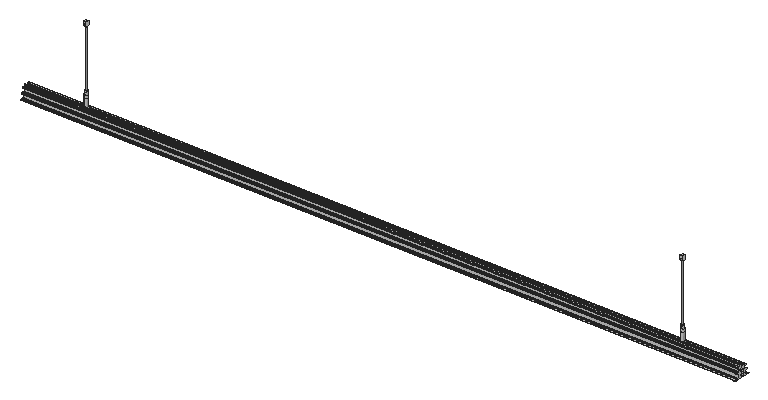
Revit family "BUS11R", category Electrical Fixtures, host Ceiling, Revit 2018
Family settings
  Host = Ceiling
  Maintain Annotation Orientation = No
  Round Connector Dimension = Use Diameter
  Part Type = Normal
  Always vertical = Yes
  Cut with Voids When Loaded = No
  Shared = No
  Room Calculation Point = No
Parameters (values of type "BUS-11R1AXX1-12FEET-UF")
  Support Height = 1' - 0"
  MATERIAL = UF-UNFINISHED MILL
  Hangers = yes
  Hanger Distance = Busrun Length - 2' 0"  # 10' - 0"
  Busrun Length = 12' - 0"
  6D = no
  6A = no
  4K = no
  4B = no
  3D = no
  2D = no
  2A = no
  1A = yes
Reference planes (in)
  plane 1 "Center (Front/Back)": y = 0
  plane 2: z = 0
  plane 3 "Center (Left/Right)": x = 0
  plane 4 "Ceiling": z = 157.48031
  plane 5: x = -72
  plane 6: x = 72
  plane 7: x = -60
  plane 8: x = 60
  plane 9: z = 159.81031
  plane 10: z = 174.81926
  plane 11: z = 162.81926
Dimensions and locks (in)
  equal spacing: host sketch curve, plane 3 "Center (Left/Right)", host sketch curve
  equal spacing: host sketch curve, plane 1 "Center (Front/Back)", host sketch curve
  host sketch curve to host sketch curve = 13' - 1.48031"  (x2)
  plane 4 "Ceiling" to host ceiling = 0' - 0"
  equal spacing: plane 5, plane 3 "Center (Left/Right)", plane 6
  plane 5 to plane 6 = 12' - 0"
  "Busrun Length": plane 5 to plane 6
  equal spacing: plane 7, plane 3 "Center (Left/Right)", plane 8
  "Hanger Distance": plane 7 to plane 8
  plane 4 "Ceiling" to plane 9 = 0' - 2.33"
  "Support Height": plane 11 to plane 10
  locked: plane 11 to plane 9 at 3.00895
  aligned and locked: nested 2 to plane 8
  aligned and locked: nested 1 to plane 8
  aligned and locked: plane 1 "Center (Front/Back)" to nested 2
  aligned and locked: plane 1 "Center (Front/Back)" to nested 1
  aligned and locked: nested 4 to plane 7
  aligned and locked: nested 3 to plane 7
  aligned and locked: nested 5 to plane 1 "Center (Front/Back)"
  aligned and locked: plane 4 "Ceiling" to nested 5
  aligned and locked: plane 9 to nested 5
  aligned and locked: plane 9 to nested 4
  aligned and locked: plane 9 to nested 2
  aligned and locked: nested 3 to plane 11
  aligned and locked: nested 1 to plane 11
  aligned and locked: plane 10 to nested 3  (x2)
  aligned and locked: plane 11 to nested 4
  aligned and locked: nested 1 to plane 10
  aligned and locked: plane 11 to nested 2
  aligned and locked: plane 3 "Center (Left/Right)" to nested 5
  aligned and locked: nested 5 to plane 6
  aligned and locked: nested 5 to plane 5
Nested families (in)
  nested 1: "Support 02" at (60, 0, 162.81926), visible <- "Hangers", type "Support 02"
    with Support Height 1' - 0"
  nested 2: "Support 01" at (60, 0, 159.69831), visible <- "Hangers", type "Support 01"
  nested 3: "Support 02" at (-60, 0, 162.81926), visible <- "Hangers", type "Support 02"
    with Support Height 1' - 0"
  nested 4: "Support 01" at (-60, 0, 159.69831), visible <- "Hangers", type "Support 01"
  nested 5: "BUS11R-BUS" at (0, 0, 157.48031), type "BUS11R-BUS"
    with Busrun Length 12' - 0", 2D no
Definition of nested family "Support 02"
  Parameters (values of type "Support 02")
    Support Height = 0' - 10"
    Busrun Material = none
    Anckle W = 0' - 0 1/2"
  Reference planes (in)
    plane 1 "Center (Front/Back)": y = 0
    plane 2: z = 0
    plane 3 "Center (Left/Right)": x = 0
    plane 4: x = -0.25
    plane 5: x = 0.25
    plane 6: z = 10.4584
    plane 7: z = 10
  Forms (in)
    Revolve 1, solid, material <- "Busrun Material"
      sketch origin (0, 0, 0) x (0, 1, 0) y (0, 0, 1)
        loop
          line (-0.06141, 0) -> (0, 0) -> (0, 10) -> (-0.06141, 10) -> (-0.06141, 0)
        axis (0, 10) -> (0, 0)
      angle from 0 to 360
    Extrusion 2, solid, material <- "Busrun Material"
      sketch origin (0, 0, 10.4584) x (0, 1, 0) y (0, 0, 1)
        loop
          arc (-0.29735, -0.53669) -> (-0.23721, -0.7155) -> (-0.08126, -0.82165) r 0.29593
          arc (-0.08126, -0.82165) -> (0.1774, -0.77249) -> (0.29452, -0.53669) r 0.29593
          line (0.29452, -0.53669) -> (0.29452, 0) -> (-0.29735, 0) -> (-0.29735, -0.53669)
        loop
          circle (-0.00141, -0.4584) r 0.0938
      from -0.25 to 0.25
  Dimensions and locks (in)
    equal spacing: plane 4, plane 3 "Center (Left/Right)", plane 5
    "Anckle W": plane 4 to plane 5
    "Support Height": level to plane 7
    locked: plane 6 to plane 7 at 0.4584
    aligned and locked: level to plane 2
    aligned and locked: Extrusion 2 to plane 5
    aligned and locked: plane 5 to Extrusion 2
    aligned and locked: Extrusion 2 to plane 4
    aligned and locked: Revolve 1 to plane 7
  Automatic sketch dimensions
    Revolve 1 sketch curve to plane 1 "Center (Front/Back)" = 0' - 0"  (x2)
    plane 1 "Center (Front/Back)" to Revolve 1 sketch curve = 0' - 0.06141"
    Revolve 1 sketch curve to level = 0' - 0.04189"
    Extrusion 2 sketch curve to Extrusion 2 sketch curve = 0' - 0"  (x2)
    plane 6 to Extrusion 2 sketch curve = 0' - 0"
    Extrusion 2 sketch curve to plane 1 "Center (Front/Back)" = 0' - 0.29735"
    Extrusion 2 sketch curve to plane 1 "Center (Front/Back)" = 0' - 0.00141"  (x2)
    Extrusion 2 sketch curve to plane 6 = 0' - 0.4584"
    Extrusion 2 sketch curve to Extrusion 2 sketch curve = 0' - 0.07829"
    Extrusion 2 sketch curve to plane 1 "Center (Front/Back)" = 0' - 0.08126"
    level to Revolve 1 sketch curve = 0' - 0"
    Revolve 1 sketch curve to Revolve 1 sketch curve = 0' - 0.4584"
    plane 6 to Revolve 1 sketch curve = 0' - 0.4584"
    radius of Extrusion 2 sketch curve = 0' - 0.0938"
Definition of nested family "Support 01"
  Parameters (values of type "Support 01")
    Support_01 Material = none
  Reference planes (in)
    plane 1 "Center (Front/Back)": y = 0
    plane 2: z = 0
    plane 3 "Center (Left/Right)": x = 0
  Forms (in)
    Revolve 1, solid, material <- "Support_01 Material"
      sketch origin (0, 0, 1.24595) x (0, 1, 0) y (0, 0, 1)
        loop
          line (-0.26959, 0.63063) -> (-0.301, 0.63063) -> (-0.301, -1.00875) -> (-0.26975, -1.04) -> (-0.23603, -1.04) -> (-0.23603, -1.13395) -> (-0.5, -1.13395) -> (-0.5, -1.18395) -> (-0.312, -1.18395) -> (-0.312, -1.24595) -> (0, -1.24595) -> (0, 1.66) -> (-0.25, 1.66) -> (-0.25, 1.16) -> (-0.301, 1.16) -> (-0.301, 0.69263) -> (-0.26959, 0.69263) -> (-0.26959, 0.63063)
        axis (0, 1.66) -> (0, -1.24595)
      angle from 0 to 360
    Extrusion 2, solid, material <- "Support_01 Material"
      sketch origin (0, 0, 2.90595) x (0, -1, 0) y (1, 0, 0)
        loop
          line (-0.23603, 0) -> (-0.11801, -0.20441) -> (0.11801, -0.20441) -> (0.23603, 0) -> (0.11801, 0.20441) -> (-0.11801, 0.20441) -> (-0.23603, 0)
      from 0 to 0.215
  Dimensions and locks (in)
    aligned and locked: plane 2 to level
Definition of nested family "BUS11R-BUS"
  Parameters (values of type "BUS11R-BUS")
    Busrun Material = none
    Busrun Length = 15' - 0"
    6D = no
    6A = no
    4K = no
    4B = no
    3D = no
    2D = yes
    2A = no
    1A = yes
  Reference planes (in)
    plane 1 "Center (Front/Back)": y = 0
    plane 2: z = 0
    plane 3 "Center (Left/Right)": x = 0
    plane 4: x = -90
    plane 5: x = 90
  Forms (in)
    Extrusion 1, solid, material <- "Busrun Material"
      sketch origin (0, 0, -0.12912) x (0, 1, 0) y (0, 0, 1)
        loop
          line (0.538, 1.11712) -> (0.58219, 1.11712) -> (0.58219, 1.06062) -> (0.66414, 1.06062) -> (0.66414, 1.11712) -> (0.6995, 1.11712) -> (0.6995, 0.84112) -> (0.6995, 0.22912) -> (0.66414, 0.22912) -> (0.66414, 0.28562) -> (0.56414, 0.28562) -> (0.56414, 0.22912) -> (0.49, 0.22912) -> (0.52878, 0.48584) -> (0.49004, 0.54719) -> (0.438, 0.48584) -> (0.438, 0.45192) -> (0.39, 0.45067) -> (0.39, 0.12912) -> (0.4525, 0.12912)
          arc (0.4525, 0.12912) -> (0.4675, 0.14412) -> (0.4825, 0.12912) r 0.015
          line (0.4825, 0.12912) -> (1.5625, 0.12912) -> (1.5625, 0.17912) -> (1.1115, 0.17912) -> (1.1115, 0.22912) -> (1.0615, 0.22912) -> (1.0615, 0.17912) -> (0.9115, 0.17912) -> (0.9115, 0.22912) -> (0.8615, 0.22912) -> (0.8615, 0.17912) -> (0.7995, 0.17912) -> (0.7995, 1.11512) -> (0.8615, 1.11512) -> (0.8615, 1.06512) -> (0.9115, 1.06512) -> (0.9115, 1.11512) -> (0.9615, 1.11512) -> (0.9615, 1.15412) -> (1.0615, 1.15412) -> (1.0615, 1.11512) -> (1.1175, 1.11512) -> (1.1175, 1.21512) -> (0.856, 1.21512) -> (0.856, 1.34012) -> (0.756, 1.34012) -> (0.756, 1.21512) -> (0.538, 1.21512) -> (0.538, 2.09012) -> (0.756, 2.09012) -> (0.756, 1.96512) -> (0.856, 1.96512) -> (0.856, 2.20912) -> (0.538, 2.20912) -> (0.538, 2.52112) -> (0.3375, 2.52112) -> (0.3375, 2.45912) -> (0.438, 2.45912) -> (0.438, 2.20912) -> (-0.438, 2.20912) -> (-0.438, 2.45912) -> (-0.3375, 2.45912) -> (-0.3375, 2.52112) -> (-0.538, 2.52112) -> (-0.538, 2.20912) -> (-0.856, 2.20912) -> (-0.856, 1.96512) -> (-0.756, 1.96512) -> (-0.756, 2.09012) -> (-0.538, 2.09012) -> (-0.538, 1.21512) -> (-0.756, 1.21512) -> (-0.756, 1.34012) -> (-0.856, 1.34012) -> (-0.856, 1.21512) -> (-1.1175, 1.21512) -> (-1.1175, 1.11512) -> (-1.0615, 1.11512) -> (-1.0615, 1.15412) -> (-0.9615, 1.15412) -> (-0.9615, 1.11512) -> (-0.9115, 1.11512) -> (-0.9115, 1.06512) -> (-0.8615, 1.06512) -> (-0.8615, 1.11512) -> (-0.7995, 1.11512) -> (-0.7995, 0.17912) -> (-0.8615, 0.17912) -> (-0.8615, 0.22912) -> (-0.9115, 0.22912) -> (-0.9115, 0.17912) -> (-1.0615, 0.17912) -> (-1.0615, 0.22912) -> (-1.1115, 0.22912) -> (-1.1115, 0.17912) -> (-1.5625, 0.17912) -> (-1.5625, 0.12912) -> (-0.39, 0.12912) -> (-0.39, 0.45067) -> (-0.438, 0.45192) -> (-0.438, 0.48584) -> (-0.49004, 0.54719) -> (-0.52878, 0.48584) -> (-0.49, 0.22912) -> (-0.56414, 0.22912) -> (-0.56414, 0.28562) -> (-0.66414, 0.28562) -> (-0.66414, 0.22912) -> (-0.6995, 0.22912) -> (-0.6995, 0.84112) -> (-0.6995, 1.11712) -> (-0.66414, 1.11712) -> (-0.66414, 1.06062) -> (-0.58219, 1.06062) -> (-0.58219, 1.11712) -> (-0.538, 1.11712) -> (-0.538, 0.84112) -> (-0.39, 0.84112) -> (-0.395, 1.47912) -> (-0.438, 1.47912) -> (-0.438, 1.98412) -> (-0.39, 1.98412) -> (-0.355, 2.10912) -> (0, 2.10912) -> (0.355, 2.10912) -> (0.39, 1.98412) -> (0.438, 1.98412) -> (0.438, 1.47912) -> (0.39, 1.47412) -> (0.39, 0.84112) -> (0.538, 0.84112) -> (0.538, 1.11712)
      from -90 to 90
    Extrusion 2, solid, material <- "Busrun Material", visible <- "2A"
      sketch origin (0, 0, 2.392) x (0, 1, 0) y (0, 0, 1)
        loop
          line (0.433, -0.873) -> (0.37958, -0.78047) -> (0.37958, -0.521)
          arc (0.37958, -0.521) -> (0.34765, -0.44393) -> (0.27058, -0.412) r 0.109
          line (0.27058, -0.412) -> (0.20258, -0.412)
          arc (0.20258, -0.412) -> (0.15595, -0.42248) -> (0.11829, -0.45189) r 0.109
          arc (0.11829, -0.45189) -> (0.08063, -0.42248) -> (0.034, -0.412) r 0.109
          line (0.034, -0.412) -> (-0.034, -0.412)
          arc (-0.034, -0.412) -> (-0.08063, -0.42248) -> (-0.11829, -0.45189) r 0.109
          arc (-0.11829, -0.45189) -> (-0.15595, -0.42248) -> (-0.20258, -0.412) r 0.109
          line (-0.20258, -0.412) -> (-0.27058, -0.412)
          arc (-0.27058, -0.412) -> (-0.34765, -0.44393) -> (-0.37958, -0.521) r 0.109
          line (-0.37958, -0.521) -> (-0.37958, -0.78047) -> (-0.433, -0.873) -> (-0.433, -1.025) -> (-0.39, -1.025) -> (-0.39, -0.929) -> (-0.32511, -0.929) -> (-0.35061, -1.035) -> (-0.29301, -1.035) -> (-0.25923, -0.89459)
          arc (-0.25923, -0.89459) -> (-0.2625, -0.87967) -> (-0.27624, -0.873) r 0.0175
          line (-0.27624, -0.873) -> (-0.32058, -0.873) -> (-0.32058, -0.521)
          arc (-0.32058, -0.521) -> (-0.30593, -0.48564) -> (-0.27058, -0.471) r 0.05
          line (-0.27058, -0.471) -> (-0.20258, -0.471)
          arc (-0.20258, -0.471) -> (-0.16722, -0.48564) -> (-0.15258, -0.521) r 0.05
          line (-0.15258, -0.521) -> (-0.15258, -0.873) -> (-0.19691, -0.873)
          arc (-0.19691, -0.873) -> (-0.21066, -0.87967) -> (-0.21393, -0.89459) r 0.0175
          line (-0.21393, -0.89459) -> (-0.18105, -1.03125) -> (-0.1495, -1.03125) -> (-0.1355, -0.97303)
          arc (-0.1355, -0.97303) -> (-0.11829, -0.91845) -> (-0.10108, -0.97303) r 0.03
          line (-0.10108, -0.97303) -> (-0.08707, -1.03125) -> (-0.05553, -1.03125) -> (-0.02265, -0.89459)
          arc (-0.02265, -0.89459) -> (-0.02592, -0.87967) -> (-0.03967, -0.873) r 0.0175
          line (-0.03967, -0.873) -> (-0.084, -0.873) -> (-0.084, -0.521)
          arc (-0.084, -0.521) -> (-0.06936, -0.48564) -> (-0.034, -0.471) r 0.05
          line (-0.034, -0.471) -> (0.034, -0.471)
          arc (0.034, -0.471) -> (0.06936, -0.48564) -> (0.084, -0.521) r 0.05
          line (0.084, -0.521) -> (0.084, -0.873) -> (0.03967, -0.873)
          arc (0.03967, -0.873) -> (0.02592, -0.87967) -> (0.02265, -0.89459) r 0.0175
          line (0.02265, -0.89459) -> (0.05553, -1.03125) -> (0.08707, -1.03125) -> (0.10108, -0.97303)
          arc (0.10108, -0.97303) -> (0.11829, -0.91845) -> (0.1355, -0.97303) r 0.03
          line (0.1355, -0.97303) -> (0.1495, -1.03125) -> (0.18105, -1.03125) -> (0.21393, -0.89459)
          arc (0.21393, -0.89459) -> (0.21066, -0.87967) -> (0.19691, -0.873) r 0.0175
          line (0.19691, -0.873) -> (0.15258, -0.873) -> (0.15258, -0.521)
          arc (0.15258, -0.521) -> (0.16722, -0.48564) -> (0.20258, -0.471) r 0.05
          line (0.20258, -0.471) -> (0.27058, -0.471)
          arc (0.27058, -0.471) -> (0.30593, -0.48564) -> (0.32058, -0.521) r 0.05
          line (0.32058, -0.521) -> (0.32058, -0.873) -> (0.27624, -0.873)
          arc (0.27624, -0.873) -> (0.2625, -0.87967) -> (0.25923, -0.89459) r 0.0175
          line (0.25923, -0.89459) -> (0.29301, -1.035) -> (0.35061, -1.035) -> (0.3303, -0.95059)
          arc (0.3303, -0.95059) -> (0.33357, -0.93567) -> (0.34732, -0.929) r 0.0175
          line (0.34732, -0.929) -> (0.39, -0.929) -> (0.39, -1.025) -> (0.433, -1.025) -> (0.433, -0.873)
      from -90 to 90
    Extrusion 3, solid, material <- "Busrun Material", visible <- "1A"
      sketch origin (0, 0, 2.392) x (0, 1, 0) y (0, 0, 1)
        loop
          line (0.433, -0.873) -> (0.37958, -0.78047) -> (0.37958, -0.521)
          arc (0.37958, -0.521) -> (0.34765, -0.44393) -> (0.27058, -0.412) r 0.109
          line (0.27058, -0.412) -> (0.20258, -0.412)
          arc (0.20258, -0.412) -> (0.15595, -0.42248) -> (0.11829, -0.45189) r 0.109
          arc (0.11829, -0.45189) -> (0.08063, -0.42248) -> (0.034, -0.412) r 0.109
          line (0.034, -0.412) -> (-0.034, -0.412)
          arc (-0.034, -0.412) -> (-0.08063, -0.42248) -> (-0.11829, -0.45189) r 0.109
          arc (-0.11829, -0.45189) -> (-0.15595, -0.42248) -> (-0.20258, -0.412) r 0.109
          line (-0.20258, -0.412) -> (-0.27058, -0.412)
          arc (-0.27058, -0.412) -> (-0.34765, -0.44393) -> (-0.37958, -0.521) r 0.109
          line (-0.37958, -0.521) -> (-0.37958, -0.5728) -> (-0.32058, -0.5728) -> (-0.32058, -0.521)
          arc (-0.32058, -0.521) -> (-0.30593, -0.48564) -> (-0.27058, -0.471) r 0.05
          line (-0.27058, -0.471) -> (-0.20258, -0.471)
          arc (-0.20258, -0.471) -> (-0.16722, -0.48564) -> (-0.15258, -0.521) r 0.05
          line (-0.15258, -0.521) -> (-0.15258, -0.873) -> (-0.3337, -0.873)
          arc (-0.3337, -0.873) -> (-0.34928, -0.864) -> (-0.34928, -0.846) r 0.018
          line (-0.34928, -0.846) -> (-0.32058, -0.79628) -> (-0.32058, -0.74043) -> (-0.37958, -0.74043) -> (-0.37958, -0.78047) -> (-0.433, -0.873) -> (-0.433, -1.025) -> (-0.39, -1.025) -> (-0.39, -0.929) -> (-0.32511, -0.929) -> (-0.35061, -1.035) -> (-0.29301, -1.035) -> (-0.26751, -0.929) -> (-0.20565, -0.929) -> (-0.18105, -1.03125) -> (-0.1495, -1.03125) -> (-0.1355, -0.97303)
          arc (-0.1355, -0.97303) -> (-0.11829, -0.91845) -> (-0.10108, -0.97303) r 0.03
          line (-0.10108, -0.97303) -> (-0.08707, -1.03125) -> (-0.05553, -1.03125) -> (-0.02265, -0.89459)
          arc (-0.02265, -0.89459) -> (-0.02592, -0.87967) -> (-0.03967, -0.873) r 0.0175
          line (-0.03967, -0.873) -> (-0.084, -0.873) -> (-0.084, -0.521)
          arc (-0.084, -0.521) -> (-0.06936, -0.48564) -> (-0.034, -0.471) r 0.05
          line (-0.034, -0.471) -> (0.034, -0.471)
          arc (0.034, -0.471) -> (0.06936, -0.48564) -> (0.084, -0.521) r 0.05
          line (0.084, -0.521) -> (0.084, -0.873) -> (0.03967, -0.873)
          arc (0.03967, -0.873) -> (0.02592, -0.87967) -> (0.02265, -0.89459) r 0.0175
          line (0.02265, -0.89459) -> (0.05553, -1.03125) -> (0.08707, -1.03125) -> (0.10108, -0.97303)
          arc (0.10108, -0.97303) -> (0.11829, -0.91845) -> (0.1355, -0.97303) r 0.03
          line (0.1355, -0.97303) -> (0.1495, -1.03125) -> (0.18105, -1.03125) -> (0.21393, -0.89459)
          arc (0.21393, -0.89459) -> (0.21066, -0.87967) -> (0.19691, -0.873) r 0.0175
          line (0.19691, -0.873) -> (0.15258, -0.873) -> (0.15258, -0.521)
          arc (0.15258, -0.521) -> (0.16722, -0.48564) -> (0.20258, -0.471) r 0.05
          line (0.20258, -0.471) -> (0.27058, -0.471)
          arc (0.27058, -0.471) -> (0.30593, -0.48564) -> (0.32058, -0.521) r 0.05
          line (0.32058, -0.521) -> (0.32058, -0.873) -> (0.27624, -0.873)
          arc (0.27624, -0.873) -> (0.2625, -0.87967) -> (0.25923, -0.89459) r 0.0175
          line (0.25923, -0.89459) -> (0.29301, -1.035) -> (0.35061, -1.035) -> (0.3303, -0.95059)
          arc (0.3303, -0.95059) -> (0.33357, -0.93567) -> (0.34732, -0.929) r 0.0175
          line (0.34732, -0.929) -> (0.39, -0.929) -> (0.39, -1.025) -> (0.433, -1.025) -> (0.433, -0.873)
      from -90 to 90
    Extrusion 4, solid, material <- "Busrun Material"
      sketch origin (0, 0, 2.392) x (0, 1, 0) y (0, 0, 1)
        loop
          line (-0.39, -0.929) -> (-0.32511, -0.929) -> (-0.35061, -1.035) -> (-0.29301, -1.035) -> (-0.25923, -0.89459)
          arc (-0.25923, -0.89459) -> (-0.2625, -0.87967) -> (-0.27624, -0.873) r 0.0175
          line (-0.27624, -0.873) -> (-0.3337, -0.873)
          arc (-0.3337, -0.873) -> (-0.34928, -0.864) -> (-0.34928, -0.846) r 0.018
          line (-0.34928, -0.846) -> (-0.32058, -0.79628) -> (-0.32058, -0.74043) -> (-0.37958, -0.74043) -> (-0.37958, -0.78047) -> (-0.433, -0.873) -> (-0.433, -1.025) -> (-0.39, -1.025) -> (-0.39, -0.929)
        loop
          line (-0.15258, -0.873) -> (-0.19691, -0.873)
          arc (-0.19691, -0.873) -> (-0.21066, -0.87967) -> (-0.21393, -0.89459) r 0.0175
          line (-0.21393, -0.89459) -> (-0.18105, -1.03125) -> (-0.1495, -1.03125) -> (-0.1355, -0.97303)
          arc (-0.1355, -0.97303) -> (-0.11829, -0.91845) -> (-0.10108, -0.97303) r 0.03
          line (-0.10108, -0.97303) -> (-0.08707, -1.03125) -> (-0.05553, -1.03125) -> (-0.02265, -0.89459)
          arc (-0.02265, -0.89459) -> (-0.02592, -0.87967) -> (-0.03967, -0.873) r 0.0175
          line (-0.03967, -0.873) -> (-0.084, -0.873) -> (-0.084, -0.521)
          arc (-0.084, -0.521) -> (-0.06936, -0.48564) -> (-0.034, -0.471) r 0.05
          line (-0.034, -0.471) -> (0.034, -0.471)
          arc (0.034, -0.471) -> (0.06936, -0.48564) -> (0.084, -0.521) r 0.05
          line (0.084, -0.521) -> (0.084, -0.873) -> (0.03967, -0.873)
          arc (0.03967, -0.873) -> (0.02592, -0.87967) -> (0.02265, -0.89459) r 0.0175
          line (0.02265, -0.89459) -> (0.05553, -1.03125) -> (0.08707, -1.03125) -> (0.10108, -0.97303)
          arc (0.10108, -0.97303) -> (0.11829, -0.91845) -> (0.1355, -0.97303) r 0.03
          line (0.1355, -0.97303) -> (0.1495, -1.03125) -> (0.18105, -1.03125) -> (0.21393, -0.89459)
          arc (0.21393, -0.89459) -> (0.21066, -0.87967) -> (0.19691, -0.873) r 0.0175
          line (0.19691, -0.873) -> (0.15258, -0.873) -> (0.15258, -0.521)
          arc (0.15258, -0.521) -> (0.16722, -0.48564) -> (0.20258, -0.471) r 0.05
          line (0.20258, -0.471) -> (0.27058, -0.471)
          arc (0.27058, -0.471) -> (0.30593, -0.48564) -> (0.32058, -0.521) r 0.05
          line (0.32058, -0.521) -> (0.32058, -0.873) -> (0.27624, -0.873)
          arc (0.27624, -0.873) -> (0.2625, -0.87967) -> (0.25923, -0.89459) r 0.0175
          line (0.25923, -0.89459) -> (0.29301, -1.035) -> (0.35061, -1.035) -> (0.3303, -0.95059)
          arc (0.3303, -0.95059) -> (0.33357, -0.93567) -> (0.34732, -0.929) r 0.0175
          line (0.34732, -0.929) -> (0.39, -0.929) -> (0.39, -1.025) -> (0.433, -1.025) -> (0.433, -0.873) -> (0.37958, -0.78047) -> (0.37958, -0.521)
          arc (0.37958, -0.521) -> (0.34765, -0.44393) -> (0.27058, -0.412) r 0.109
          line (0.27058, -0.412) -> (0.20258, -0.412)
          arc (0.20258, -0.412) -> (0.15595, -0.42248) -> (0.11829, -0.45189) r 0.109
          arc (0.11829, -0.45189) -> (0.08063, -0.42248) -> (0.034, -0.412) r 0.109
          line (0.034, -0.412) -> (-0.034, -0.412)
          arc (-0.034, -0.412) -> (-0.08063, -0.42248) -> (-0.11829, -0.45189) r 0.109
          arc (-0.11829, -0.45189) -> (-0.15595, -0.42248) -> (-0.20258, -0.412) r 0.109
          line (-0.20258, -0.412) -> (-0.27058, -0.412)
          arc (-0.27058, -0.412) -> (-0.34765, -0.44393) -> (-0.37958, -0.521) r 0.109
          line (-0.37958, -0.521) -> (-0.37958, -0.5728) -> (-0.32058, -0.5728) -> (-0.32058, -0.521)
          arc (-0.32058, -0.521) -> (-0.30593, -0.48564) -> (-0.27058, -0.471) r 0.05
          line (-0.27058, -0.471) -> (-0.20258, -0.471)
          arc (-0.20258, -0.471) -> (-0.16722, -0.48564) -> (-0.15258, -0.521) r 0.05
          line (-0.15258, -0.521) -> (-0.15258, -0.873)
      from -90 to 90
    Extrusion 5, solid, material <- "Busrun Material", visible <- "3D"
      sketch origin (0, 0, 2.392) x (0, 1, 0) y (0, 0, 1)
        loop
          line (0.433, -0.87155) -> (0.35383, -0.78192) -> (0.35383, -0.521)
          arc (0.35383, -0.521) -> (0.3219, -0.44393) -> (0.24483, -0.412) r 0.109
          line (0.24483, -0.412) -> (0.17683, -0.412)
          arc (0.17683, -0.412) -> (0.09975, -0.44393) -> (0.06783, -0.521) r 0.109
          arc (0.06783, -0.521) -> (0.05779, -0.53104) -> (0.04775, -0.521) r 0.01004
          arc (0.04775, -0.521) -> (0.01582, -0.44393) -> (-0.06125, -0.412) r 0.109
          line (-0.06125, -0.412) -> (-0.25325, -0.412)
          arc (-0.25325, -0.412) -> (-0.33727, -0.44233) -> (-0.37958, -0.521) r 0.12497
          line (-0.37958, -0.521) -> (-0.37958, -0.5728) -> (-0.32058, -0.5728) -> (-0.32058, -0.521)
          arc (-0.32058, -0.521) -> (-0.28916, -0.48032) -> (-0.23825, -0.47328) r 0.06795
          line (-0.23825, -0.47328) -> (-0.23825, -0.873) -> (-0.3337, -0.873)
          arc (-0.3337, -0.873) -> (-0.34928, -0.864) -> (-0.34928, -0.846) r 0.018
          line (-0.34928, -0.846) -> (-0.32058, -0.79628) -> (-0.32058, -0.74043) -> (-0.37958, -0.74043) -> (-0.37958, -0.78047) -> (-0.433, -0.873) -> (-0.433, -1.025) -> (-0.39, -1.025) -> (-0.39, -0.929) -> (-0.31823, -0.929) -> (-0.29319, -1.03305) -> (-0.26219, -1.03305) -> (-0.24775, -0.97303)
          arc (-0.24775, -0.97303) -> (-0.23054, -0.91845) -> (-0.21333, -0.97303) r 0.03
          line (-0.21333, -0.97303) -> (-0.19842, -1.035) -> (-0.15168, -1.035) -> (-0.11271, -0.873) -> (-0.17925, -0.873) -> (-0.17925, -0.521)
          arc (-0.17925, -0.521) -> (-0.16461, -0.48564) -> (-0.12925, -0.471) r 0.05
          line (-0.12925, -0.471) -> (-0.06125, -0.471)
          arc (-0.06125, -0.471) -> (-0.02589, -0.48564) -> (-0.01125, -0.521) r 0.05
          line (-0.01125, -0.521) -> (-0.01125, -0.873) -> (-0.07779, -0.873) -> (-0.03882, -1.035) -> (0.02567, -1.035) -> (0.04058, -0.97303)
          arc (0.04058, -0.97303) -> (0.05779, -0.91845) -> (0.075, -0.97303) r 0.03
          line (0.075, -0.97303) -> (0.08991, -1.035) -> (0.15439, -1.035) -> (0.18818, -0.89459)
          arc (0.18818, -0.89459) -> (0.18491, -0.87967) -> (0.17116, -0.873) r 0.0175
          line (0.17116, -0.873) -> (0.12683, -0.873) -> (0.12683, -0.521)
          arc (0.12683, -0.521) -> (0.14147, -0.48564) -> (0.17683, -0.471) r 0.05
          line (0.17683, -0.471) -> (0.24483, -0.471)
          arc (0.24483, -0.471) -> (0.28018, -0.48564) -> (0.29483, -0.521) r 0.05
          line (0.29483, -0.521) -> (0.29483, -0.873) -> (0.25049, -0.873)
          arc (0.25049, -0.873) -> (0.23675, -0.87967) -> (0.23348, -0.89459) r 0.0175
          line (0.23348, -0.89459) -> (0.26726, -1.035) -> (0.32486, -1.035) -> (0.30455, -0.95059)
          arc (0.30455, -0.95059) -> (0.30782, -0.93567) -> (0.32157, -0.929) r 0.0175
          line (0.32157, -0.929) -> (0.36425, -0.929) -> (0.36425, -1.025) -> (0.433, -1.025) -> (0.433, -0.87155)
      from -90 to 90
    Extrusion 6, solid, material <- "Busrun Material", visible <- "6A"
      sketch origin (0, 0, 2.392) x (0, 1, 0) y (0, 0, 1)
        loop
          line (0.433, -0.873) -> (0.37958, -0.78047) -> (0.37958, -0.521)
          arc (0.37958, -0.521) -> (0.34765, -0.44393) -> (0.27058, -0.412) r 0.109
          line (0.27058, -0.412) -> (0.20258, -0.412)
          arc (0.20258, -0.412) -> (0.15595, -0.42248) -> (0.11829, -0.45189) r 0.109
          arc (0.11829, -0.45189) -> (0.08063, -0.42248) -> (0.034, -0.412) r 0.109
          line (0.034, -0.412) -> (-0.034, -0.412)
          arc (-0.034, -0.412) -> (-0.08063, -0.42248) -> (-0.11829, -0.45189) r 0.109
          arc (-0.11829, -0.45189) -> (-0.15595, -0.42248) -> (-0.20258, -0.412) r 0.109
          line (-0.20258, -0.412) -> (-0.27058, -0.412)
          arc (-0.27058, -0.412) -> (-0.34765, -0.44393) -> (-0.37958, -0.521) r 0.109
          line (-0.37958, -0.521) -> (-0.37958, -0.78047) -> (-0.433, -0.873) -> (-0.433, -1.025) -> (-0.39, -1.025) -> (-0.39, -0.929) -> (-0.32511, -0.929) -> (-0.35061, -1.035) -> (-0.29301, -1.035) -> (-0.25923, -0.89459)
          arc (-0.25923, -0.89459) -> (-0.2625, -0.87967) -> (-0.27624, -0.873) r 0.0175
          line (-0.27624, -0.873) -> (-0.32058, -0.873) -> (-0.32058, -0.521)
          arc (-0.32058, -0.521) -> (-0.30593, -0.48564) -> (-0.27058, -0.471) r 0.05
          line (-0.27058, -0.471) -> (-0.20258, -0.471)
          arc (-0.20258, -0.471) -> (-0.16722, -0.48564) -> (-0.15258, -0.521) r 0.05
          line (-0.15258, -0.521) -> (-0.15258, -0.873) -> (-0.19691, -0.873)
          arc (-0.19691, -0.873) -> (-0.21066, -0.87967) -> (-0.21393, -0.89459) r 0.0175
          line (-0.21393, -0.89459) -> (-0.18105, -1.03125) -> (-0.1495, -1.03125) -> (-0.1355, -0.97303)
          arc (-0.1355, -0.97303) -> (-0.11829, -0.91845) -> (-0.10108, -0.97303) r 0.03
          line (-0.10108, -0.97303) -> (-0.08707, -1.03125) -> (-0.05553, -1.03125) -> (-0.02265, -0.89459)
          arc (-0.02265, -0.89459) -> (-0.02592, -0.87967) -> (-0.03967, -0.873) r 0.0175
          line (-0.03967, -0.873) -> (-0.084, -0.873) -> (-0.084, -0.521)
          arc (-0.084, -0.521) -> (-0.06936, -0.48564) -> (-0.034, -0.471) r 0.05
          line (-0.034, -0.471) -> (0.034, -0.471)
          arc (0.034, -0.471) -> (0.06936, -0.48564) -> (0.084, -0.521) r 0.05
          line (0.084, -0.521) -> (0.084, -0.873) -> (0.03967, -0.873)
          arc (0.03967, -0.873) -> (0.02592, -0.87967) -> (0.02265, -0.89459) r 0.0175
          line (0.02265, -0.89459) -> (0.05553, -1.03125) -> (0.08707, -1.03125) -> (0.10108, -0.97303)
          arc (0.10108, -0.97303) -> (0.11829, -0.91845) -> (0.1355, -0.97303) r 0.03
          line (0.1355, -0.97303) -> (0.1495, -1.03125) -> (0.18105, -1.03125) -> (0.21393, -0.89459)
          arc (0.21393, -0.89459) -> (0.21066, -0.87967) -> (0.19691, -0.873) r 0.0175
          line (0.19691, -0.873) -> (0.15258, -0.873) -> (0.15258, -0.521)
          arc (0.15258, -0.521) -> (0.16722, -0.48564) -> (0.20258, -0.471) r 0.05
          line (0.20258, -0.471) -> (0.27058, -0.471)
          arc (0.27058, -0.471) -> (0.30593, -0.48564) -> (0.32058, -0.521) r 0.05
          line (0.32058, -0.521) -> (0.32058, -0.873) -> (0.27624, -0.873)
          arc (0.27624, -0.873) -> (0.2625, -0.87967) -> (0.25923, -0.89459) r 0.0175
          line (0.25923, -0.89459) -> (0.29301, -1.035) -> (0.35061, -1.035) -> (0.3303, -0.95059)
          arc (0.3303, -0.95059) -> (0.33357, -0.93567) -> (0.34732, -0.929) r 0.0175
          line (0.34732, -0.929) -> (0.39, -0.929) -> (0.39, -1.025) -> (0.433, -1.025) -> (0.433, -0.873)
      from -90 to 90
    Extrusion 7, solid, material <- "Busrun Material", visible <- "6D"
      sketch origin (0, 0, 2.392) x (0, 1, 0) y (0, 0, 1)
        loop
          line (0.433, -0.873) -> (0.37958, -0.78047) -> (0.37958, -0.521)
          arc (0.37958, -0.521) -> (0.34765, -0.44393) -> (0.27058, -0.412) r 0.109
          line (0.27058, -0.412) -> (0.20258, -0.412)
          arc (0.20258, -0.412) -> (0.15595, -0.42248) -> (0.11829, -0.45189) r 0.109
          arc (0.11829, -0.45189) -> (0.08063, -0.42248) -> (0.034, -0.412) r 0.109
          line (0.034, -0.412) -> (-0.034, -0.412)
          arc (-0.034, -0.412) -> (-0.08063, -0.42248) -> (-0.11829, -0.45189) r 0.109
          arc (-0.11829, -0.45189) -> (-0.15595, -0.42248) -> (-0.20258, -0.412) r 0.109
          line (-0.20258, -0.412) -> (-0.27058, -0.412)
          arc (-0.27058, -0.412) -> (-0.34765, -0.44393) -> (-0.37958, -0.521) r 0.109
          line (-0.37958, -0.521) -> (-0.37958, -0.78047) -> (-0.433, -0.873) -> (-0.433, -1.025) -> (-0.39, -1.025) -> (-0.39, -0.929) -> (-0.32511, -0.929) -> (-0.35061, -1.035) -> (-0.29301, -1.035) -> (-0.25923, -0.89459)
          arc (-0.25923, -0.89459) -> (-0.2625, -0.87967) -> (-0.27624, -0.873) r 0.0175
          line (-0.27624, -0.873) -> (-0.32058, -0.873) -> (-0.32058, -0.521)
          arc (-0.32058, -0.521) -> (-0.30593, -0.48564) -> (-0.27058, -0.471) r 0.05
          line (-0.27058, -0.471) -> (-0.20258, -0.471)
          arc (-0.20258, -0.471) -> (-0.16722, -0.48564) -> (-0.15258, -0.521) r 0.05
          line (-0.15258, -0.521) -> (-0.15258, -0.873) -> (-0.19691, -0.873)
          arc (-0.19691, -0.873) -> (-0.21066, -0.87967) -> (-0.21393, -0.89459) r 0.0175
          line (-0.21393, -0.89459) -> (-0.18105, -1.03125) -> (-0.1495, -1.03125) -> (-0.1355, -0.97303)
          arc (-0.1355, -0.97303) -> (-0.11829, -0.91845) -> (-0.10108, -0.97303) r 0.03
          line (-0.10108, -0.97303) -> (-0.08707, -1.03125) -> (-0.05553, -1.03125) -> (-0.02265, -0.89459)
          arc (-0.02265, -0.89459) -> (-0.02592, -0.87967) -> (-0.03967, -0.873) r 0.0175
          line (-0.03967, -0.873) -> (-0.084, -0.873) -> (-0.084, -0.521)
          arc (-0.084, -0.521) -> (-0.06936, -0.48564) -> (-0.034, -0.471) r 0.05
          line (-0.034, -0.471) -> (0.034, -0.471)
          arc (0.034, -0.471) -> (0.06936, -0.48564) -> (0.084, -0.521) r 0.05
          line (0.084, -0.521) -> (0.084, -0.873) -> (0.03967, -0.873)
          arc (0.03967, -0.873) -> (0.02592, -0.87967) -> (0.02265, -0.89459) r 0.0175
          line (0.02265, -0.89459) -> (0.05553, -1.03125) -> (0.08707, -1.03125) -> (0.10108, -0.97303)
          arc (0.10108, -0.97303) -> (0.11829, -0.91845) -> (0.1355, -0.97303) r 0.03
          line (0.1355, -0.97303) -> (0.1495, -1.03125) -> (0.18105, -1.03125) -> (0.21393, -0.89459)
          arc (0.21393, -0.89459) -> (0.21066, -0.87967) -> (0.19691, -0.873) r 0.0175
          line (0.19691, -0.873) -> (0.15258, -0.873) -> (0.15258, -0.521)
          arc (0.15258, -0.521) -> (0.16722, -0.48564) -> (0.20258, -0.471) r 0.05
          line (0.20258, -0.471) -> (0.27058, -0.471)
          arc (0.27058, -0.471) -> (0.30593, -0.48564) -> (0.32058, -0.521) r 0.05
          line (0.32058, -0.521) -> (0.32058, -0.873) -> (0.27624, -0.873)
          arc (0.27624, -0.873) -> (0.2625, -0.87967) -> (0.25923, -0.89459) r 0.0175
          line (0.25923, -0.89459) -> (0.29301, -1.035) -> (0.35061, -1.035) -> (0.3303, -0.95059)
          arc (0.3303, -0.95059) -> (0.33357, -0.93567) -> (0.34732, -0.929) r 0.0175
          line (0.34732, -0.929) -> (0.39, -0.929) -> (0.39, -1.025) -> (0.433, -1.025) -> (0.433, -0.873)
      from -90 to 90
    Extrusion 8, solid, material <- "Busrun Material", visible <- "4B"
      sketch origin (0, 0, 2.392) x (0, 1, 0) y (0, 0, 1)
        loop
          line (0.25558, -0.873) -> (0.25558, -0.4733)
          arc (0.25558, -0.4733) -> (0.30016, -0.48069) -> (0.32058, -0.521) r 0.05
          line (0.32058, -0.521) -> (0.32058, -0.5728) -> (0.37958, -0.5728) -> (0.37958, -0.521)
          arc (0.37958, -0.521) -> (0.34765, -0.44393) -> (0.27058, -0.412) r 0.109
          line (0.27058, -0.412) -> (0.08429, -0.412)
          arc (0.08429, -0.412) -> (0.03766, -0.42248) -> (0, -0.45189) r 0.109
          arc (0, -0.45189) -> (-0.03766, -0.42248) -> (-0.08429, -0.412) r 0.109
          line (-0.08429, -0.412) -> (-0.27058, -0.412)
          arc (-0.27058, -0.412) -> (-0.34765, -0.44393) -> (-0.37958, -0.521) r 0.109
          line (-0.37958, -0.521) -> (-0.37958, -0.5728) -> (-0.32058, -0.5728) -> (-0.32058, -0.521)
          arc (-0.32058, -0.521) -> (-0.30016, -0.48069) -> (-0.25558, -0.4733) r 0.05
          line (-0.25558, -0.4733) -> (-0.25558, -0.873) -> (-0.3337, -0.873)
          arc (-0.3337, -0.873) -> (-0.34928, -0.864) -> (-0.34928, -0.846) r 0.018
          line (-0.34928, -0.846) -> (-0.32058, -0.79628) -> (-0.32058, -0.74043) -> (-0.37958, -0.74043) -> (-0.37958, -0.78047) -> (-0.433, -0.873) -> (-0.433, -1.025) -> (-0.39, -1.025) -> (-0.39, -0.929) -> (-0.31823, -0.929) -> (-0.29366, -1.03109) -> (-0.26205, -1.03109) -> (-0.24808, -0.97303)
          arc (-0.24808, -0.97303) -> (-0.23087, -0.91845) -> (-0.21366, -0.97303) r 0.03
          line (-0.21366, -0.97303) -> (-0.19969, -1.03109) -> (-0.16807, -1.03109) -> (-0.13523, -0.89459)
          arc (-0.13523, -0.89459) -> (-0.1385, -0.87967) -> (-0.15224, -0.873) r 0.0175
          line (-0.15224, -0.873) -> (-0.19658, -0.873) -> (-0.19658, -0.521)
          arc (-0.19658, -0.521) -> (-0.18193, -0.48564) -> (-0.14658, -0.471) r 0.05
          line (-0.14658, -0.471) -> (-0.07858, -0.471)
          arc (-0.07858, -0.471) -> (-0.04322, -0.48564) -> (-0.02858, -0.521) r 0.05
          line (-0.02858, -0.521) -> (-0.02858, -0.873) -> (-0.07291, -0.873)
          arc (-0.07291, -0.873) -> (-0.08666, -0.87967) -> (-0.08993, -0.89459) r 0.0175
          line (-0.08993, -0.89459) -> (-0.05968, -1.02029) -> (-0.02858, -1.02029) -> (-0.02063, -0.98724)
          arc (-0.02063, -0.98724) -> (0, -0.97099) -> (0.02063, -0.98724) r 0.02122
          line (0.02063, -0.98724) -> (0.02858, -1.02029) -> (0.05968, -1.02029) -> (0.08993, -0.89459)
          arc (0.08993, -0.89459) -> (0.08666, -0.87967) -> (0.07291, -0.873) r 0.0175
          line (0.07291, -0.873) -> (0.02858, -0.873) -> (0.02858, -0.521)
          arc (0.02858, -0.521) -> (0.04322, -0.48564) -> (0.07858, -0.471) r 0.05
          line (0.07858, -0.471) -> (0.14658, -0.471)
          arc (0.14658, -0.471) -> (0.18193, -0.48564) -> (0.19658, -0.521) r 0.05
          line (0.19658, -0.521) -> (0.19658, -0.873) -> (0.15224, -0.873)
          arc (0.15224, -0.873) -> (0.1385, -0.87967) -> (0.13523, -0.89459) r 0.0175
          line (0.13523, -0.89459) -> (0.16807, -1.03109) -> (0.19969, -1.03109) -> (0.21366, -0.97303)
          arc (0.21366, -0.97303) -> (0.23087, -0.91845) -> (0.24808, -0.97303) r 0.03
          line (0.24808, -0.97303) -> (0.26205, -1.03109) -> (0.29366, -1.03109) -> (0.31823, -0.929) -> (0.39, -0.929) -> (0.39, -1.025) -> (0.433, -1.025) -> (0.433, -0.873) -> (0.37958, -0.78047) -> (0.37958, -0.74043) -> (0.32058, -0.74043) -> (0.32058, -0.79628) -> (0.34928, -0.846)
          arc (0.34928, -0.846) -> (0.34928, -0.864) -> (0.3337, -0.873) r 0.018
          line (0.3337, -0.873) -> (0.25558, -0.873)
      from -90 to 90
    Extrusion 9, solid, material <- "Busrun Material", visible <- "4K"
      sketch origin (0, 0, 2.392) x (0, 1, 0) y (0, 0, 1)
        loop
          line (0.25558, -0.873) -> (0.25558, -0.4733)
          arc (0.25558, -0.4733) -> (0.30016, -0.48069) -> (0.32058, -0.521) r 0.05
          line (0.32058, -0.521) -> (0.32058, -0.5728) -> (0.37958, -0.5728) -> (0.37958, -0.521)
          arc (0.37958, -0.521) -> (0.34765, -0.44393) -> (0.27058, -0.412) r 0.109
          line (0.27058, -0.412) -> (0.08429, -0.412)
          arc (0.08429, -0.412) -> (0.03766, -0.42248) -> (0, -0.45189) r 0.109
          arc (0, -0.45189) -> (-0.03766, -0.42248) -> (-0.08429, -0.412) r 0.109
          line (-0.08429, -0.412) -> (-0.27058, -0.412)
          arc (-0.27058, -0.412) -> (-0.34765, -0.44393) -> (-0.37958, -0.521) r 0.109
          line (-0.37958, -0.521) -> (-0.37958, -0.5728) -> (-0.32058, -0.5728) -> (-0.32058, -0.521)
          arc (-0.32058, -0.521) -> (-0.30016, -0.48069) -> (-0.25558, -0.4733) r 0.05
          line (-0.25558, -0.4733) -> (-0.25558, -0.873) -> (-0.3337, -0.873)
          arc (-0.3337, -0.873) -> (-0.34928, -0.864) -> (-0.34928, -0.846) r 0.018
          line (-0.34928, -0.846) -> (-0.32058, -0.79628) -> (-0.32058, -0.74043) -> (-0.37958, -0.74043) -> (-0.37958, -0.78047) -> (-0.433, -0.873) -> (-0.433, -1.025) -> (-0.39, -1.025) -> (-0.39, -0.929) -> (-0.31823, -0.929) -> (-0.29366, -1.03109) -> (-0.26205, -1.03109) -> (-0.24808, -0.97303)
          arc (-0.24808, -0.97303) -> (-0.23087, -0.91845) -> (-0.21366, -0.97303) r 0.03
          line (-0.21366, -0.97303) -> (-0.19969, -1.03109) -> (-0.16807, -1.03109) -> (-0.13523, -0.89459)
          arc (-0.13523, -0.89459) -> (-0.1385, -0.87967) -> (-0.15224, -0.873) r 0.0175
          line (-0.15224, -0.873) -> (-0.19658, -0.873) -> (-0.19658, -0.521)
          arc (-0.19658, -0.521) -> (-0.18193, -0.48564) -> (-0.14658, -0.471) r 0.05
          line (-0.14658, -0.471) -> (-0.07858, -0.471)
          arc (-0.07858, -0.471) -> (-0.04322, -0.48564) -> (-0.02858, -0.521) r 0.05
          line (-0.02858, -0.521) -> (-0.02858, -0.873) -> (-0.07291, -0.873)
          arc (-0.07291, -0.873) -> (-0.08666, -0.87967) -> (-0.08993, -0.89459) r 0.0175
          line (-0.08993, -0.89459) -> (-0.05968, -1.02029) -> (-0.02858, -1.02029) -> (-0.02063, -0.98724)
          arc (-0.02063, -0.98724) -> (0, -0.97099) -> (0.02063, -0.98724) r 0.02122
          line (0.02063, -0.98724) -> (0.02858, -1.02029) -> (0.05968, -1.02029) -> (0.08993, -0.89459)
          arc (0.08993, -0.89459) -> (0.08666, -0.87967) -> (0.07291, -0.873) r 0.0175
          line (0.07291, -0.873) -> (0.02858, -0.873) -> (0.02858, -0.521)
          arc (0.02858, -0.521) -> (0.04322, -0.48564) -> (0.07858, -0.471) r 0.05
          line (0.07858, -0.471) -> (0.14658, -0.471)
          arc (0.14658, -0.471) -> (0.18193, -0.48564) -> (0.19658, -0.521) r 0.05
          line (0.19658, -0.521) -> (0.19658, -0.873) -> (0.15224, -0.873)
          arc (0.15224, -0.873) -> (0.1385, -0.87967) -> (0.13523, -0.89459) r 0.0175
          line (0.13523, -0.89459) -> (0.16807, -1.03109) -> (0.19969, -1.03109) -> (0.21366, -0.97303)
          arc (0.21366, -0.97303) -> (0.23087, -0.91845) -> (0.24808, -0.97303) r 0.03
          line (0.24808, -0.97303) -> (0.26205, -1.03109) -> (0.29366, -1.03109) -> (0.31823, -0.929) -> (0.39, -0.929) -> (0.39, -1.025) -> (0.433, -1.025) -> (0.433, -0.873) -> (0.37958, -0.78047) -> (0.37958, -0.74043) -> (0.32058, -0.74043) -> (0.32058, -0.79628) -> (0.34928, -0.846)
          arc (0.34928, -0.846) -> (0.34928, -0.864) -> (0.3337, -0.873) r 0.018
          line (0.3337, -0.873) -> (0.25558, -0.873)
      from -90 to 90
  Dimensions and locks (in)
    equal spacing: plane 4, plane 3 "Center (Left/Right)", plane 5
    "Busrun Length": plane 4 to plane 5
    aligned and locked: level to plane 2
    aligned and locked: Extrusion 1 to plane 4
    aligned and locked: Extrusion 1 to plane 5
    aligned and locked: nested 1 to Extrusion 3
    aligned and locked: nested 2 to Extrusion 3
    aligned and locked: Extrusion 3 to nested 3
    aligned and locked: nested 4 to Extrusion 5
    aligned and locked: nested 5 to Extrusion 7
    aligned and locked: nested 6 to Extrusion 7
    aligned and locked: Extrusion 7 to nested 8
    aligned and locked: Extrusion 7 to nested 7
    aligned and locked: Extrusion 9 to plane 4
    aligned and locked: Extrusion 8 to plane 4
    aligned and locked: Extrusion 7 to plane 4
    aligned and locked: Extrusion 6 to plane 4
    aligned and locked: Extrusion 5 to plane 4
    aligned and locked: Extrusion 3 to plane 4
    aligned and locked: Extrusion 2 to plane 4
    aligned and locked: Extrusion 9 to plane 5
    aligned and locked: Extrusion 8 to plane 5
    aligned and locked: Extrusion 7 to plane 5
    aligned and locked: Extrusion 6 to plane 5
    aligned and locked: Extrusion 5 to plane 5
    aligned and locked: Extrusion 3 to plane 5
    aligned and locked: Extrusion 2 to plane 5
    aligned and locked: Extrusion 4 to plane 4
    aligned and locked: Extrusion 4 to plane 5
  Automatic sketch dimensions
    Extrusion 1 sketch curve to level = 0' - 0"  (x2)
    Extrusion 1 sketch curve to plane 1 "Center (Front/Back)" = 0' - 0"
    plane 1 "Center (Front/Back)" to Extrusion 1 sketch curve = 0' - 0.3375"
    Extrusion 1 sketch curve to Extrusion 1 sketch curve = 0' - 0.0175"  (x2)
    plane 1 "Center (Front/Back)" to Extrusion 1 sketch curve = 0' - 0.39"  (x2)
    Extrusion 1 sketch curve to Extrusion 1 sketch curve = 0' - 0.035"  (x2)
    plane 1 "Center (Front/Back)" to Extrusion 1 sketch curve = 0' - 0.395"
    Extrusion 1 sketch curve to Extrusion 1 sketch curve = 0' - 0.083"
    Extrusion 1 sketch curve to Extrusion 1 sketch curve = 0' - 0.048"  (x4)
    Extrusion 1 sketch curve to Extrusion 1 sketch curve = 0' - 0.1"  (x15)
    Extrusion 1 sketch curve to Extrusion 1 sketch curve = 0' - 0.05204"  (x2)
    Extrusion 1 sketch curve to Extrusion 1 sketch curve = 0' - 0.03874"  (x2)
    Extrusion 1 sketch curve to Extrusion 1 sketch curve = 0' - 0"  (x8)
    Extrusion 1 sketch curve to Extrusion 1 sketch curve = 0' - 0.07414"  (x2)
    Extrusion 1 sketch curve to Extrusion 1 sketch curve = 0' - 0.04419"  (x2)
    Extrusion 1 sketch curve to Extrusion 1 sketch curve = 0' - 0.08195"  (x2)
    Extrusion 1 sketch curve to Extrusion 1 sketch curve = 0' - 0.03536"
    Extrusion 1 sketch curve to Extrusion 1 sketch curve = 0' - 0.0565"  (x8)
    Extrusion 1 sketch curve to Extrusion 1 sketch curve = 0' - 0.218"  (x2)
    level to Extrusion 1 sketch curve = 0' - 0.05"  (x6)
    Extrusion 1 sketch curve to Extrusion 1 sketch curve = 0' - 0.062"  (x6)
    Extrusion 1 sketch curve to Extrusion 1 sketch curve = 0' - 0.05"  (x16)
    Extrusion 1 sketch curve to Extrusion 1 sketch curve = 0' - 0.15"  (x2)
    Extrusion 1 sketch curve to Extrusion 1 sketch curve = 0' - 0.056"  (x2)
    Extrusion 1 sketch curve to Extrusion 1 sketch curve = 0' - 0.451"  (x2)
    Extrusion 1 sketch curve to plane 1 "Center (Front/Back)" = 0' - 0.3375"
    Extrusion 1 sketch curve to plane 1 "Center (Front/Back)" = 0' - 0.39"  (x2)
    Extrusion 1 sketch curve to Extrusion 1 sketch curve = 0' - 0.1005"
    Extrusion 1 sketch curve to Extrusion 1 sketch curve = 0' - 0 1/16"
    Extrusion 1 sketch curve to Extrusion 1 sketch curve = 0' - 0.015"
    Extrusion 1 sketch curve to Extrusion 1 sketch curve = 0' - 0.0075"
    Extrusion 1 sketch curve to Extrusion 1 sketch curve = 0' - 0.148"
    Extrusion 1 sketch curve to Extrusion 1 sketch curve = 0' - 0.1615"
    level to Extrusion 1 sketch curve = 0' - 0.1"  (x4)
    Extrusion 1 sketch curve to Extrusion 1 sketch curve = 0' - 0.16504"  (x2)
    Extrusion 1 sketch curve to Extrusion 1 sketch curve = 0' - 0.00126"  (x2)
    Extrusion 1 sketch curve to Extrusion 1 sketch curve = 0' - 0.03391"  (x3)
    Extrusion 1 sketch curve to Extrusion 1 sketch curve = 0' - 0.06135"  (x2)
    Extrusion 1 sketch curve to Extrusion 1 sketch curve = 0' - 0.29394"  (x2)
    Extrusion 1 sketch curve to Extrusion 1 sketch curve = 0' - 0.2195"  (x2)
    Extrusion 1 sketch curve to Extrusion 1 sketch curve = 0' - 0.0045"  (x2)
    Extrusion 1 sketch curve to Extrusion 1 sketch curve = 0' - 0.039"  (x2)
    Extrusion 1 sketch curve to Extrusion 1 sketch curve = 0' - 0.098"
    Extrusion 1 sketch curve to Extrusion 1 sketch curve = 0' - 0.061"  (x2)
    Extrusion 1 sketch curve to Extrusion 1 sketch curve = 0' - 0 1/8"  (x4)
    Extrusion 1 sketch curve to Extrusion 1 sketch curve = 0' - 0.259"
    Extrusion 1 sketch curve to Extrusion 1 sketch curve = 0' - 0.264"
    Extrusion 1 sketch curve to Extrusion 1 sketch curve = 0' - 0.005"
    Extrusion 1 sketch curve to Extrusion 1 sketch curve = 0' - 0.486"  (x2)
    Extrusion 1 sketch curve to Extrusion 1 sketch curve = 0' - 0.019"  (x2)
    Extrusion 1 sketch curve to Extrusion 1 sketch curve = 0' - 0.106"
    Extrusion 1 sketch curve to Extrusion 1 sketch curve = 0' - 0.119"  (x2)
    Extrusion 1 sketch curve to Extrusion 1 sketch curve = 0' - 0 1/4"  (x2)
    Extrusion 2 sketch curve to Extrusion 2 sketch curve = 0' - 0"  (x19)
    plane 1 "Center (Front/Back)" to Extrusion 2 sketch curve = 0' - 0.433"
    Extrusion 2 sketch curve to Extrusion 2 sketch curve = 0' - 0.043"  (x2)
    Extrusion 2 sketch curve to Extrusion 2 sketch curve = 0' - 0.05342"
    Extrusion 2 sketch curve to Extrusion 2 sketch curve = 0' - 0.03939"  (x2)
    Extrusion 2 sketch curve to Extrusion 2 sketch curve = 0' - 0.06489"
    Extrusion 2 sketch curve to Extrusion 2 sketch curve = 0' - 0.059"  (x3)
    Extrusion 2 sketch curve to Extrusion 2 sketch curve = 0' - 0.0576"  (x2)
    Extrusion 2 sketch curve to Extrusion 2 sketch curve = 0' - 0.04433"  (x5)
    Extrusion 2 sketch curve to Extrusion 2 sketch curve = 0' - 0.05"  (x2)
    Extrusion 2 sketch curve to Extrusion 2 sketch curve = 0' - 0.01701"  (x7)
    Extrusion 2 sketch curve to Extrusion 2 sketch curve = 0' - 0.0453"  (x2)
    Extrusion 2 sketch curve to Extrusion 2 sketch curve = 0' - 0.068"  (x2)
    Extrusion 2 sketch curve to Extrusion 2 sketch curve = 0' - 0.11197"  (x2)
    Extrusion 2 sketch curve to Extrusion 2 sketch curve = 0' - 0.03154"  (x4)
    Extrusion 2 sketch curve to Extrusion 2 sketch curve = 0' - 0.01401"  (x4)
    Extrusion 2 sketch curve to Extrusion 2 sketch curve = 0' - 0.01721"  (x4)
    Extrusion 2 sketch curve to Extrusion 2 sketch curve = 0' - 0.06858"  (x2)
    plane 1 "Center (Front/Back)" to Extrusion 2 sketch curve = 0' - 0.03967"
    plane 1 "Center (Front/Back)" to Extrusion 2 sketch curve = 0' - 0.034"
    Extrusion 2 sketch curve to plane 1 "Center (Front/Back)" = 0' - 0.02265"
    Extrusion 2 sketch curve to plane 1 "Center (Front/Back)" = 0' - 0.034"
    Extrusion 2 sketch curve to plane 1 "Center (Front/Back)" = 0' - 0.05553"
    Extrusion 2 sketch curve to Extrusion 2 sketch curve = 0' - 0.00972"
    level to Extrusion 2 sketch curve = 0' - 1.357"
    Extrusion 2 sketch curve to Extrusion 2 sketch curve = 0' - 0.00375"  (x2)
    Extrusion 2 sketch curve to Extrusion 2 sketch curve = 0' - 0.01"  (x2)
    Extrusion 2 sketch curve to Extrusion 2 sketch curve = 0' - 0.05822"  (x2)
    Extrusion 2 sketch curve to Extrusion 2 sketch curve = 0' - 0.08441"
    Extrusion 2 sketch curve to Extrusion 2 sketch curve = 0' - 0.02457"  (x2)
    Extrusion 2 sketch curve to Extrusion 2 sketch curve = 0' - 0.00409"  (x7)
    Extrusion 2 sketch curve to Extrusion 2 sketch curve = 0' - 0.096"
    Extrusion 2 sketch curve to Extrusion 2 sketch curve = 0' - 0.056"  (x3)
    Extrusion 2 sketch curve to Extrusion 2 sketch curve = 0' - 0.05386"  (x2)
    Extrusion 2 sketch curve to Extrusion 2 sketch curve = 0' - 0.09253"  (x2)
    Extrusion 2 sketch curve to Extrusion 2 sketch curve = 0' - 0.25947"  (x2)
    Extrusion 3 sketch curve to Extrusion 3 sketch curve = 0' - 0"  (x20)
    plane 1 "Center (Front/Back)" to Extrusion 3 sketch curve = 0' - 0.433"
    Extrusion 3 sketch curve to Extrusion 3 sketch curve = 0' - 0.043"  (x2)
    Extrusion 3 sketch curve to Extrusion 3 sketch curve = 0' - 0.05342"  (x2)
    Extrusion 3 sketch curve to Extrusion 3 sketch curve = 0' - 0.03939"  (x2)
    Extrusion 3 sketch curve to Extrusion 3 sketch curve = 0' - 0.03029"
    Extrusion 3 sketch curve to Extrusion 3 sketch curve = 0' - 0.01559"
    Extrusion 3 sketch curve to Extrusion 3 sketch curve = 0' - 0.00859"
    Extrusion 3 sketch curve to Extrusion 3 sketch curve = 0' - 0.059"  (x4)
    Extrusion 3 sketch curve to Extrusion 3 sketch curve = 0' - 0.0576"  (x3)
    Extrusion 3 sketch curve to Extrusion 3 sketch curve = 0' - 0.05"  (x2)
    Extrusion 3 sketch curve to Extrusion 3 sketch curve = 0' - 0.06186"
    Extrusion 3 sketch curve to Extrusion 3 sketch curve = 0' - 0.068"  (x2)
    Extrusion 3 sketch curve to Extrusion 3 sketch curve = 0' - 0.0246"
    Extrusion 3 sketch curve to Extrusion 3 sketch curve = 0' - 0.05307"
    Extrusion 3 sketch curve to Extrusion 3 sketch curve = 0' - 0.03154"  (x4)
    Extrusion 3 sketch curve to Extrusion 3 sketch curve = 0' - 0.01401"  (x4)
    Extrusion 3 sketch curve to Extrusion 3 sketch curve = 0' - 0.01721"  (x4)
    Extrusion 3 sketch curve to Extrusion 3 sketch curve = 0' - 0.06858"  (x2)
    plane 1 "Center (Front/Back)" to Extrusion 3 sketch curve = 0' - 0.03967"
    plane 1 "Center (Front/Back)" to Extrusion 3 sketch curve = 0' - 0.034"
    Extrusion 3 sketch curve to Extrusion 3 sketch curve = 0' - 0.01701"  (x5)
    Extrusion 3 sketch curve to plane 1 "Center (Front/Back)" = 0' - 0.02265"
    Extrusion 3 sketch curve to plane 1 "Center (Front/Back)" = 0' - 0.034"
    Extrusion 3 sketch curve to plane 1 "Center (Front/Back)" = 0' - 0.05553"
    Extrusion 3 sketch curve to Extrusion 3 sketch curve = 0' - 0.04433"  (x3)
    Extrusion 3 sketch curve to Extrusion 3 sketch curve = 0' - 0.0453"
    Extrusion 3 sketch curve to Extrusion 3 sketch curve = 0' - 0.11197"
    Extrusion 3 sketch curve to Extrusion 3 sketch curve = 0' - 0.00972"
    level to Extrusion 3 sketch curve = 0' - 1.357"
    Extrusion 3 sketch curve to Extrusion 3 sketch curve = 0' - 0.00375"
    Extrusion 3 sketch curve to Extrusion 3 sketch curve = 0' - 0.01"  (x2)
    Extrusion 3 sketch curve to Extrusion 3 sketch curve = 0' - 0.05822"  (x2)
    Extrusion 3 sketch curve to Extrusion 3 sketch curve = 0' - 0.08441"
    Extrusion 3 sketch curve to Extrusion 3 sketch curve = 0' - 0.02457"  (x2)
    Extrusion 3 sketch curve to Extrusion 3 sketch curve = 0' - 0.00409"  (x5)
    Extrusion 3 sketch curve to Extrusion 3 sketch curve = 0' - 0.106"
    Extrusion 3 sketch curve to Extrusion 3 sketch curve = 0' - 0.096"
    Extrusion 3 sketch curve to Extrusion 3 sketch curve = 0' - 0.05386"  (x2)
    Extrusion 3 sketch curve to Extrusion 3 sketch curve = 0' - 0.056"  (x2)
    Extrusion 3 sketch curve to Extrusion 3 sketch curve = 0' - 0.018"
    Extrusion 3 sketch curve to Extrusion 3 sketch curve = 0' - 0.04972"
    Extrusion 3 sketch curve to Extrusion 3 sketch curve = 0' - 0.09253"
    Extrusion 3 sketch curve to Extrusion 3 sketch curve = 0' - 0.01581"
    Extrusion 3 sketch curve to Extrusion 3 sketch curve = 0' - 0.05585"
    Extrusion 3 sketch curve to Extrusion 3 sketch curve = 0' - 0.16764"
    Extrusion 3 sketch curve to Extrusion 3 sketch curve = 0' - 0.0518"
    Extrusion 3 sketch curve to Extrusion 3 sketch curve = 0' - 0.25947"
    Extrusion 4 sketch curve to Extrusion 4 sketch curve = 0' - 0"  (x21)
    plane 1 "Center (Front/Back)" to Extrusion 4 sketch curve = 0' - 0.433"
    Extrusion 4 sketch curve to Extrusion 4 sketch curve = 0' - 0.043"  (x2)
    Extrusion 4 sketch curve to Extrusion 4 sketch curve = 0' - 0.05342"
    Extrusion 4 sketch curve to Extrusion 4 sketch curve = 0' - 0.03939"  (x2)
    Extrusion 4 sketch curve to Extrusion 4 sketch curve = 0' - 0.03029"
    Extrusion 4 sketch curve to Extrusion 4 sketch curve = 0' - 0.01559"
    Extrusion 4 sketch curve to Extrusion 4 sketch curve = 0' - 0.00859"
    Extrusion 4 sketch curve to Extrusion 4 sketch curve = 0' - 0.059"  (x4)
    Extrusion 4 sketch curve to Extrusion 4 sketch curve = 0' - 0.0576"  (x2)
    Extrusion 4 sketch curve to Extrusion 4 sketch curve = 0' - 0.05745"
    Extrusion 4 sketch curve to Extrusion 4 sketch curve = 0' - 0.05"  (x2)
    Extrusion 4 sketch curve to Extrusion 4 sketch curve = 0' - 0.01701"  (x7)
    Extrusion 4 sketch curve to Extrusion 4 sketch curve = 0' - 0.0453"  (x2)
    Extrusion 4 sketch curve to Extrusion 4 sketch curve = 0' - 0.068"  (x2)
    Extrusion 4 sketch curve to Extrusion 4 sketch curve = 0' - 0.11197"  (x2)
    Extrusion 4 sketch curve to Extrusion 4 sketch curve = 0' - 0.04433"  (x4)
    Extrusion 4 sketch curve to Extrusion 4 sketch curve = 0' - 0.03154"  (x4)
    Extrusion 4 sketch curve to Extrusion 4 sketch curve = 0' - 0.01401"  (x4)
    Extrusion 4 sketch curve to Extrusion 4 sketch curve = 0' - 0.01721"  (x4)
    Extrusion 4 sketch curve to Extrusion 4 sketch curve = 0' - 0.06858"  (x2)
    plane 1 "Center (Front/Back)" to Extrusion 4 sketch curve = 0' - 0.03967"
    plane 1 "Center (Front/Back)" to Extrusion 4 sketch curve = 0' - 0.034"
    Extrusion 4 sketch curve to plane 1 "Center (Front/Back)" = 0' - 0.02265"
    Extrusion 4 sketch curve to plane 1 "Center (Front/Back)" = 0' - 0.034"
    Extrusion 4 sketch curve to plane 1 "Center (Front/Back)" = 0' - 0.05553"
    Extrusion 4 sketch curve to Extrusion 4 sketch curve = 0' - 0.00972"
    level to Extrusion 4 sketch curve = 0' - 1.357"
    Extrusion 4 sketch curve to Extrusion 4 sketch curve = 0' - 0.00375"
    Extrusion 4 sketch curve to Extrusion 4 sketch curve = 0' - 0.01"  (x2)
    Extrusion 4 sketch curve to Extrusion 4 sketch curve = 0' - 0.05822"  (x2)
    Extrusion 4 sketch curve to Extrusion 4 sketch curve = 0' - 0.08441"
    Extrusion 4 sketch curve to Extrusion 4 sketch curve = 0' - 0.02457"  (x2)
    Extrusion 4 sketch curve to Extrusion 4 sketch curve = 0' - 0.00409"  (x7)
    Extrusion 4 sketch curve to Extrusion 4 sketch curve = 0' - 0.096"
    Extrusion 4 sketch curve to Extrusion 4 sketch curve = 0' - 0.05386"  (x2)
    Extrusion 4 sketch curve to Extrusion 4 sketch curve = 0' - 0.03441"
    Extrusion 4 sketch curve to Extrusion 4 sketch curve = 0' - 0.056"  (x2)
    Extrusion 4 sketch curve to Extrusion 4 sketch curve = 0' - 0.018"
    Extrusion 4 sketch curve to Extrusion 4 sketch curve = 0' - 0.04972"
    Extrusion 4 sketch curve to Extrusion 4 sketch curve = 0' - 0.01581"
    Extrusion 4 sketch curve to Extrusion 4 sketch curve = 0' - 0.09253"
    Extrusion 4 sketch curve to Extrusion 4 sketch curve = 0' - 0.04004"
    Extrusion 4 sketch curve to Extrusion 4 sketch curve = 0' - 0.16764"
    Extrusion 4 sketch curve to Extrusion 4 sketch curve = 0' - 0.0518"
    Extrusion 4 sketch curve to Extrusion 4 sketch curve = 0' - 0.25947"
    Extrusion 5 sketch curve to Extrusion 5 sketch curve = 0' - 0"  (x13)
    plane 1 "Center (Front/Back)" to Extrusion 5 sketch curve = 0' - 0.433"
    Extrusion 5 sketch curve to Extrusion 5 sketch curve = 0' - 0.043"
    Extrusion 5 sketch curve to Extrusion 5 sketch curve = 0' - 0.05342"
    Extrusion 5 sketch curve to Extrusion 5 sketch curve = 0' - 0.03029"
    Extrusion 5 sketch curve to Extrusion 5 sketch curve = 0' - 0.01559"
    Extrusion 5 sketch curve to Extrusion 5 sketch curve = 0' - 0.059"  (x3)
    Extrusion 5 sketch curve to Extrusion 5 sketch curve = 0' - 0.02871"
